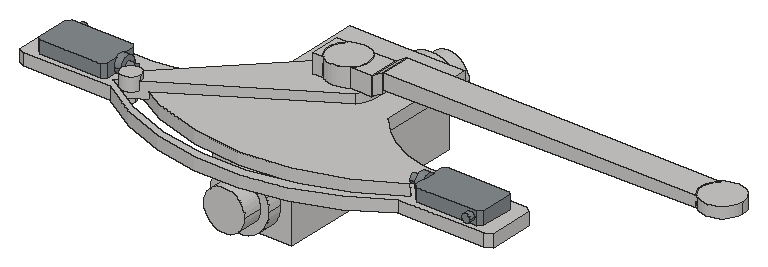
Revit family "Vent Valve Assembly-JCI_Sapphire_Plus-(70bar)Novec1230", category Specialty Equipment, Revit 2017
Family settings
  Round Connector Dimension = Use Diameter
  Part Type = Normal
  OmniClass Number = 23.29.33.13.11
  Work Plane-Based = No
  Always vertical = No
  Cut with Voids When Loaded = No
  Shared = No
  Room Calculation Point = No
Parameters (values of type "Vent Valve Assembly 3/4" NPT")
  Width [instance] = 47.498 mm  # constant formula
  Weight = 5.10 lbf  # constant formula
  Use Annotation Scale [instance] = 0
  URL = "http://www.sapphireplus.com"
  Product Page URL = "http://www.sapphireplus.com"
  Product Material = "JCI - Iron - Gray ; JCI - Metal - Stainless Steel - Satin"  # constant formula
  Product Documentation Link = "http://www.sapphireplus.com"
  Pipe Diameter [instance] = 19.05 mm  # constant formula
  Part Number [instance] = "302700014"  # constant formula
  Part Description [instance] = "Vent Valve Assembly"  # constant formula
  Operating Temperature = 122 °F
  Model Disclaimer = "For More Information Contact  JOHNSON CONTROLS"  # constant formula
  Model = "302700014"  # constant formula
  Materials = JCI - Metal - Stainless Steel - Satin
  Manufacturer = "Johnson Controls, Inc."  # constant formula
  Limit Switch Material = JCI - Iron - Gray
  Length = 47.498 mm  # constant formula
  Height [instance] = 40.894 mm  # constant formula
  Fire Suppression Agent = "3M NOVEC 1230 Fire Protection Fluid"  # constant formula
  Family Version = "1.0"  # constant formula
  Equipment Number [instance] = "XXX"
  Equipment Abbreviation = "--"  # constant formula
  Discharge Flow = 0 GPM
  Diameter [instance] = 47.498 mm  # constant formula
  Description = "Vent Valve Assembly"  # constant formula
  Date Modified = "YYYY/MM/DD"  # constant formula
  Date Created = "2018/09/11"  # constant formula
  Copyright © = "Copyright © 2001-2018 Johnson Controls Inc."  # constant formula
Reference planes
  plane 1 "Center (Front/Back)": y = 0
  plane 2: z = 0
  plane 3 "Center (Left/Right)": x = 0
  plane 4 "Lever Top Edge": z = 41.678
  plane 5: z = 39.757
  plane 6: z = 12.861
  plane 7: x = -107.127
  plane 8: y = 0
  plane 9: y = 0
  plane 10: x = -61.278
  plane 11: through (12.452, 33.66, 1219.2) normal (-0.809, -0.5878, 0)
  plane 12 "Vent Valve Edge 1": x = -109.996
  plane 13 "Vent Valve Edge 2": x = -103.54
  plane 14 "Vent Valve Lever 1": y = -12.102
  plane 15 "Vent Valve Connection 1": x = -69.111
  plane 16 "Vent Valve Connection 6": x = 69.76
  plane 17 "Vent Valve Connection 4": x = 63.292
  plane 18 "Vent Valve Connection 3": x = -63.722
  plane 19 "Vent Valve Connection 2": x = -67.127
  plane 20 "Vent Valve Connection 5": x = 67.127
  plane 21 "Vent Valve Lever Edge 1": x = -65.086
  plane 22 "Vent Valve Lever Edge": x = -6.04
  plane 23 "Vent Valve Lever 2": x = 6.104
  plane 24 "Vent Valve Lever 3": x = 167.653
  plane 25 "Lever Bottom Edge": z = 46.2
  plane 26 "Latch Edge 1": x = 73.569
  plane 27 "Latch Edge 2": x = 101.759
Forms (mm)
  Extrusion 1, solid, material "JCI - Metal - Stainless Steel - Satin"
    sketch origin (0, 183.033, 14.959) x (1, 0, 0) y (0, 0, 1)
      loop
        circle (0, 0) r 9.525
    from 81.967 to 212.278
  Extrusion 2, solid, material "JCI - Metal - Stainless Steel - Satin"
    sketch origin (0, 183.033, 5.459) x (1, 0, 0) y (0, 0, 1)
      loop
        circle (0, 9.5) r 13.619
    from 92.301 to 203.306
  Extrusion 3, solid, material "JCI - Metal - Stainless Steel - Satin"
    sketch origin (1.261, 183.033, -0.758) x (1, 0, 0) y (0, 0, 1)
      loop
        line (17.86, 30.677) -> (-19.121, 30.677) -> (-19.121, 0.758) -> (17.86, 0.758) -> (17.86, 30.677)
    from 105.776 to 196.789
  Extrusion 4, solid, material "JCI - Metal - Stainless Steel - Satin"
    sketch origin (0, 183.033, 0) x (1, 0, 0) y (0, 1, 0)
      loop
        line (-109.996, -172.587) -> (-109.996, -193.478) -> (-107.127, -195.134) -> (-67.127, -195.134)
        arc (-67.127, -195.134) -> (0, -217.337) -> (67.127, -195.134) r 112.576
        line (67.127, -195.134) -> (107.127, -195.134) -> (110.308, -193.298) -> (110.308, -172.814) -> (107.127, -170.503) -> (67.127, -170.503)
        arc (67.127, -170.503) -> (44.627, -165.308) -> (26.681, -150.776) r 51.326
        line (26.681, -150.776) -> (26.681, -105.776) -> (0.096, -105.776) -> (-26.681, -105.776) -> (-26.681, -150.776)
        arc (-26.681, -150.776) -> (-44.627, -165.308) -> (-67.127, -170.503) r 51.326
        line (-67.127, -170.503) -> (-107.127, -170.503) -> (-109.996, -172.587)
      loop
        arc (-69.111, -190.601) -> (0.405, -213.459) -> (69.76, -190.116) r 115.902
        line (69.76, -190.116) -> (63.292, -183.648)
        arc (63.292, -183.648) -> (-0.263, -203.59) -> (-63.722, -183.346) r 110.407
        line (-63.722, -183.346) -> (-69.111, -190.601)
    from 29.919 to 35.58
  Extrusion 5, solid, material "JCI - Iron - Gray" <- "Limit Switch Material"
    sketch origin (0, 183.033, 0) x (1, 0, 0) y (0, 1, 0)
      loop
        line (-73.569, -173.752) -> (-101.759, -173.752) -> (-103.54, -175.533) -> (-103.54, -190.533) -> (-101.759, -192.314) -> (-73.569, -192.314) -> (-71.788, -190.533) -> (-71.788, -175.533) -> (-73.569, -173.752)
    from 35.58 to 41.583
  Extrusion 6, solid, material "JCI - Iron - Gray" <- "Limit Switch Material"
    sketch origin (0, 183.033, 0) x (-1, 0, 0) y (0, -1, 0)
      loop
        line (-73.569, 173.752) -> (-71.788, 175.533) -> (-71.788, 190.533) -> (-73.569, 192.314) -> (-101.759, 192.314) -> (-103.54, 190.533) -> (-103.54, 175.533) -> (-101.759, 173.752) -> (-73.569, 173.752)
    from 35.58 to 41.583
  Extrusion 7, solid, material "JCI - Iron - Gray" <- "Limit Switch Material"
    sketch origin (73.569, 9.281, 0) x (1, 0, 0) y (0, 0, -1)
      loop
        circle (25.023, -38.571) r 1.884
    from -18.562 to -21.101
  Extrusion 8, solid, material "JCI - Iron - Gray" <- "Limit Switch Material"
    sketch origin (-73.569, 9.281, 0) x (-1, 0, 0) y (0, 0, 1)
      loop
        circle (25.023, 38.571) r 1.884
    from 3.249 to 0
  Extrusion 9, solid, material "JCI - Metal - Stainless Steel - Satin"
    sketch origin (1.25, 183.97, 0) x (1, 0, 0) y (0, 1, 0)
      loop
        circle (-62.406, -191.008) r 4.395
    from 35.58 to 41.583
  Extrusion 10, solid, material "JCI - Metal - Stainless Steel - Satin"
    sketch origin (1.127, 183.78, 0) x (1, 0, 0) y (0, 1, 0)
      loop
        circle (-62.406, -191.008) r 2.423
    from 29.919 to 35.58
  Extrusion 11, solid, material "JCI - Metal - Stainless Steel - Satin"
    sketch origin (6.622, 180.742, 0) x (0.999391, -0.034899, 0) y (0.034899, 0.999391, 0)
      loop
        arc (-65.135, -189.454) -> (-64.394, -192.592) -> (-61.532, -194.077) r 3.865
        line (-61.532, -194.077) -> (9.198, -146.369)
        arc (9.198, -146.369) -> (8.529, -129.322) -> (-8.259, -126.287) r 13.627
        line (-8.259, -126.287) -> (-65.135, -189.454)
    from 32.457 to 39.662
  Extrusion 12, solid, material "JCI - Metal - Stainless Steel - Satin"
    sketch origin (0, 185.064, 0) x (1, 0, 0) y (0, 1, 0)
      loop
        circle (0, -142.122) r 9.257
    from 39.662 to 48.236
  Extrusion 13, solid, material "JCI - Metal - Stainless Steel - Satin"
    sketch origin (0, 184.908, 0) x (1, 0, 0) y (0, 1, 0)
      loop
        line (16.58, -135.007) -> (6.104, -135.007)
        arc (6.104, -135.007) -> (9.255, -141.932) -> (6.104, -148.858) r 9.186
        line (6.104, -148.858) -> (16.58, -148.858) -> (16.58, -135.007)
    from 39.662 to 48.236
  Extrusion 14, solid, material "JCI - Metal - Stainless Steel - Satin"
    sketch origin (0, 184.908, -0.781) x (1, 0, 0) y (0, 1, 0)
      loop
        line (21.428, -135.007) -> (21.428, -148.858) -> (167.653, -148.858)
        arc (167.653, -148.858) -> (164.505, -141.932) -> (167.653, -135.007) r 9.193
        line (167.653, -135.007) -> (21.428, -135.007)
    from 44.125 to 51.93
  Extrusion 15, solid, material "JCI - Metal - Stainless Steel - Satin"
    sketch origin (0, 184.908, 1.293) x (1, 0, 0) y (0, 0, 1)
      loop
        line (16.58, 46.943) -> (16.58, 38.464) -> (21.428, 41.322) -> (21.428, 49.856) -> (16.58, 46.943)
    from 135.007 to 148.858
  Extrusion 16, void
    sketch origin (0, 183.033, -1.562) x (1, 0, 0) y (0, 0, 1)
      loop
        line (-26.497, 44.906) -> (167.653, 44.906) -> (167.653, 47.809) -> (-26.497, 44.906)
    from 133.132 to 146.983
  Extrusion 17, solid, material "JCI - Metal - Stainless Steel - Satin"
    sketch origin (2.278, 185.835, -0.781) x (1, 0, 0) y (0, 1, 0)
      loop
        circle (171.681, -142.747) r 9.45
    from 46.981 to 51.93
  Revolve 18, solid, material "JCI - Iron - Gray" <- "Limit Switch Material"
    sketch origin (0, 183.033, 38.582) x (1, 0, 0) y (0, 1, 0)
      loop
        line (-71.788, -183.033) -> (-64.686, -183.033) -> (-64.686, -181.108) -> (-68.325, -181.108) -> (-68.325, -179.077) -> (-71.788, -179.077) -> (-71.788, -183.033)
      axis (-71.788, -183.033) -> (-64.686, -183.033)
    angle from 0 to 360
  Revolve 19, solid, material "JCI - Iron - Gray" <- "Limit Switch Material"
    sketch origin (0, 183.033, 38.582) x (-1, 0, 0) y (0, -1, 0)
      loop
        line (-71.788, 183.033) -> (-71.788, 179.077) -> (-68.325, 179.077) -> (-68.325, 181.108) -> (-64.686, 181.108) -> (-64.686, 183.033) -> (-71.788, 183.033)
      axis (-71.788, 183.033) -> (-64.686, 183.033)
    angle from 0 to 360
  Extrusion 20, solid, material "JCI - Metal - Stainless Steel - Satin"
    sketch origin (0.064, 183.033, 0) x (1, 0, 0) y (0, 1, 0)
      loop
        arc (-6.104, -147.051) -> (-9.257, -140.091) -> (-6.104, -133.132) r 9.257
        line (-6.104, -133.132) -> (-10.854, -133.132) -> (-10.854, -147.051) -> (-6.104, -147.051)
    from 39.662 to 48.236
Cuts and joins
  Extrusion 16 cuts Extrusion 14
Lines and regions (mm)
  model lines, not visible
    curve 1: arc (-58.855, -7.227, 35.58) -> (-61.278, -4.804, 35.58) -> (-63.701, -7.227, 35.58) r 2.423
    curve 2: arc (-63.701, -7.227, 35.58) -> (-61.278, -9.65, 35.58) -> (-58.855, -7.227, 35.58) r 2.423
    curve 3: arc (-56.761, -7.038, 41.583) -> (-61.156, -2.643, 41.583) -> (-65.551, -7.038, 41.583) r 4.395
    curve 4: arc (-65.551, -7.038, 41.583) -> (-61.156, -11.432, 41.583) -> (-56.761, -7.038, 41.583) r 4.395
    curve 5: arc (9.257, 42.942, 48.236) -> (0, 52.199, 48.236) -> (-9.257, 42.942, 48.236) r 9.257
    curve 6: arc (-9.257, 42.942, 48.236) -> (0, 33.684, 48.236) -> (9.257, 42.942, 48.236) r 9.257
    curve 7: arc (183.409, 43.088, 51.149) -> (173.959, 52.538, 51.149) -> (164.509, 43.088, 51.149) r 9.45
    curve 8: arc (164.509, 43.088, 51.149) -> (173.959, 33.638, 51.149) -> (183.409, 43.088, 51.149) r 9.45
    curve 9: arc (13.619, -20.273, 14.959) -> (0, -20.273, 28.578) -> (-13.619, -20.273, 14.959) r 13.619
    curve 10: arc (-13.619, -20.273, 14.959) -> (0, -20.273, 1.341) -> (13.619, -20.273, 14.959) r 13.619
    curve 11: arc (9.525, -29.245, 14.959) -> (0, -29.245, 24.484) -> (-9.525, -29.245, 14.959) r 9.525
    curve 12: arc (-9.525, -29.245, 14.959) -> (0, -29.245, 5.434) -> (9.525, -29.245, 14.959) r 9.525
    curve 13: arc (96.708, -11.82, 38.571) -> (98.592, -11.82, 40.456) -> (100.477, -11.82, 38.571) r 1.884
    curve 14: arc (100.477, -11.82, 38.571) -> (98.592, -11.82, 36.687) -> (96.708, -11.82, 38.571) r 1.884
    curve 15: arc (-100.477, 9.281, 38.571) -> (-98.592, 9.281, 40.456) -> (-96.708, 9.281, 38.571) r 1.884
    curve 16: arc (-96.708, 9.281, 38.571) -> (-98.592, 9.281, 36.687) -> (-100.477, 9.281, 38.571) r 1.884
Dimensions and locks
  locked: Extrusion 4 to Extrusion 4 at 24.632
  locked: Extrusion 4 to plane 3 "Center (Left/Right)" at 109.996
  locked: plane 12 "Vent Valve Edge 1" to plane 13 "Vent Valve Edge 2" at 6.456
  locked: plane 13 "Vent Valve Edge 2" to Revolve 18 at 31.752
  locked: Revolve 18 to Revolve 18 at 3.463
  locked: Revolve 18 to Revolve 18 at 3.639
  locked: Extrusion 5 to Extrusion 5 at 18.562
  Extrusion 4 to plane 3 "Center (Left/Right)" to Extrusion 4 = 26.681 mm locked, 26.681 mm locked
  locked: plane 1 "Center (Front/Back)" to Extrusion 4 at 77.256
  Extrusion 1 to Extrusion 2 to Extrusion 4 = 10.333 mm locked, 13.476 mm locked
  Extrusion 1 to Extrusion 2 to Extrusion 3 to plane 1 "Center (Front/Back)" = 8.972 mm, 6.517 mm, 13.756 mm
  Revolve 19 to Revolve 19 to Extrusion 6 to Extrusion 6 to Extrusion 4 = 3.639 mm, 3.463 mm locked, 31.752 mm, 6.769 mm locked
  Extrusion 6 to plane 1 "Center (Front/Back)" to Extrusion 6 = 9.281 mm locked, 9.281 mm locked
  locked: plane 3 "Center (Left/Right)" to Extrusion 15 at 16.58
  locked: Extrusion 4 to Extrusion 6 at 3.249
  plane 15 "Vent Valve Connection 1" to plane 3 "Center (Left/Right)" to plane 16 "Vent Valve Connection 6" = 69.111 mm locked, 69.76 mm locked
  locked: plane 15 "Vent Valve Connection 1" to plane 18 "Vent Valve Connection 3" at 5.389
  locked: plane 17 "Vent Valve Connection 4" to plane 16 "Vent Valve Connection 6" at 6.468
  locked: plane 19 "Vent Valve Connection 2" to plane 18 "Vent Valve Connection 3" at 3.406
  locked: plane 17 "Vent Valve Connection 4" to plane 20 "Vent Valve Connection 5" at 3.835
  locked: plane 21 "Vent Valve Lever Edge 1" to plane 18 "Vent Valve Connection 3" at 1.364
  locked: plane 22 "Vent Valve Lever Edge" to plane 3 "Center (Left/Right)" at 6.04
  locked: Extrusion 20 to plane 3 "Center (Left/Right)" at 10.79
  locked: cut or joined group of Extrusion 14, Extrusion 16 to Extrusion 4 at 5.254
  locked: Extrusion 3 to cut or joined group of Extrusion 14, Extrusion 16 at 2.307
  locked: plane 3 "Center (Left/Right)" to plane 23 "Vent Valve Lever 2" at 6.104
  Extrusion 3 to plane 3 "Center (Left/Right)" to Extrusion 3 = 17.86 mm, 19.121 mm locked
  locked: Extrusion 4 to level at 29.919
  locked: Extrusion 4 to Extrusion 4 at 5.662
  Extrusion 11 to Extrusion 11 to level = 7.205 mm locked, 32.457 mm locked
  locked: plane 4 "Lever Top Edge" to Extrusion 4 at 6.003
  locked: plane 4 "Lever Top Edge" to plane 5 at 1.921
  locked: Extrusion 15 to plane 5 at 8.479
  locked: Extrusion 7 to Extrusion 6 at 2.539
  locked: Extrusion 2 to plane 1 "Center (Front/Back)" at 90.732
  locked: Extrusion 1 to plane 1 "Center (Front/Back)" at 101.065
  locked: Extrusion 2 to plane 1 "Center (Front/Back)" at 20.273
  locked: Extrusion 1 to plane 1 "Center (Front/Back)" at 29.245
  locked: Extrusion 3 to plane 1 "Center (Front/Back)" at 13.756
  locked: plane 3 "Center (Left/Right)" to Revolve 19 at 68.325
  locked: plane 16 "Vent Valve Connection 6" to Extrusion 7 at 26.948
  locked: Extrusion 5 to plane 1 "Center (Front/Back)" at 9.281
  locked: plane 1 "Center (Front/Back)" to Extrusion 5 at 9.281
  Extrusion 4 to Extrusion 6 to Extrusion 6 = 3.249 mm locked, 18.562 mm locked
  Extrusion 6 to plane 26 "Latch Edge 1" to plane 27 "Latch Edge 2" to Extrusion 6 = 1.781 mm locked, 28.19 mm locked, 1.781 mm locked
  locked: plane 3 "Center (Left/Right)" to Extrusion 6 at 71.788
  Extrusion 5 to plane 1 "Center (Front/Back)" to Extrusion 5 = 9.281 mm locked, 9.281 mm locked
  "Pipe Diameter": diameter of Extrusion 1 sketch curve
  aligned and locked: level to plane 2
  aligned and locked: plane 12 "Vent Valve Edge 1" to Extrusion 4
  aligned and locked: plane 13 "Vent Valve Edge 2" to Extrusion 5
  aligned and locked: Extrusion 4 to Extrusion 8
  aligned and locked: Extrusion 8 to Extrusion 5
  aligned and locked: Extrusion 5 to Revolve 18
  aligned and locked: Extrusion 3 to Extrusion 4  (x2)
  aligned and locked: Extrusion 6 to Revolve 19
  aligned and locked: Extrusion 13 to Extrusion 15  (x2)
  aligned and locked: Extrusion 15 to cut or joined group of Extrusion 14, Extrusion 16  (x2)
  aligned and locked: plane 14 "Vent Valve Lever 1" to Extrusion 4  (x2)
  aligned and locked: plane 15 "Vent Valve Connection 1" to Extrusion 4  (x2)
  aligned and locked: plane 16 "Vent Valve Connection 6" to Extrusion 4
  aligned and locked: plane 17 "Vent Valve Connection 4" to Extrusion 4  (x2)
  aligned and locked: plane 18 "Vent Valve Connection 3" to Extrusion 4
  aligned and locked: plane 19 "Vent Valve Connection 2" to Extrusion 4  (x2)
  aligned and locked: plane 20 "Vent Valve Connection 5" to Extrusion 4  (x2)
  aligned and locked: plane 21 "Vent Valve Lever Edge 1" to Extrusion 11  (x2)
  aligned and locked: plane 22 "Vent Valve Lever Edge" to Extrusion 11
  aligned: curve 1 to Extrusion 10
  aligned and locked: curve 2 to Extrusion 10
  aligned: curve 3 to Extrusion 9
  aligned and locked: curve 4 to Extrusion 9
  aligned and locked: Extrusion 13 to Extrusion 20
  aligned and locked: cut or joined group of Extrusion 14, Extrusion 16 to Extrusion 15  (x2)
  aligned and locked: Extrusion 13 to cut or joined group of Extrusion 14, Extrusion 16
  aligned and locked: plane 22 "Vent Valve Lever Edge" to Extrusion 20
  aligned and locked: plane 23 "Vent Valve Lever 2" to Extrusion 13
  aligned and locked: curve 5 to Extrusion 12
  aligned and locked: plane 24 "Vent Valve Lever 3" to cut or joined group of Extrusion 14, Extrusion 16  (x3)
  aligned: curve 7 to Extrusion 17
  aligned and locked: curve 8 to Extrusion 17
  aligned and locked: Extrusion 14 to Extrusion 16
  aligned and locked: cut or joined group of Extrusion 14, Extrusion 16 to cut or joined group of Extrusion 14, Extrusion 16
  aligned and locked: Extrusion 17 to plane 25 "Lever Bottom Edge"
  aligned: curve 9 to Extrusion 2
  aligned and locked: curve 10 to Extrusion 2
  aligned: curve 11 to Extrusion 1
  aligned and locked: curve 12 to Extrusion 1
  aligned and locked: Extrusion 5 to plane 4 "Lever Top Edge"
  aligned and locked: Extrusion 9 to plane 4 "Lever Top Edge"
  aligned and locked: Extrusion 6 to plane 4 "Lever Top Edge"
  aligned and locked: Extrusion 6 to Extrusion 4
  aligned and locked: plane 5 to Extrusion 15
  aligned and locked: Extrusion 15 to Extrusion 13
  aligned and locked: Extrusion 12 to Extrusion 20
  aligned and locked: Extrusion 13 to Extrusion 12
  aligned and locked: Extrusion 20 to Extrusion 11
  aligned and locked: Extrusion 12 to Extrusion 11
  aligned and locked: Extrusion 13 to Extrusion 11
  aligned and locked: Extrusion 7 to Extrusion 6
  aligned and locked: Extrusion 5 to Extrusion 8
  aligned and locked: Extrusion 8 to Extrusion 4
  aligned and locked: Extrusion 3 to level
  aligned and locked: Extrusion 4 to Extrusion 10
  aligned and locked: Extrusion 9 to Extrusion 4
  aligned and locked: Extrusion 6 to Extrusion 7
  aligned and locked: curve 13 to Extrusion 7
  aligned and locked: curve 14 to Extrusion 7
  aligned and locked: curve 15 to Extrusion 8
  aligned and locked: curve 16 to Extrusion 8
  aligned and locked: plane 26 "Latch Edge 1" to Extrusion 6  (x3)
  aligned and locked: plane 27 "Latch Edge 2" to Extrusion 6  (x2)
Automatic sketch dimensions
  Extrusion 1 sketch curve to plane 3 "Center (Left/Right)" = 0.00 mm
  level to Extrusion 1 sketch curve = 14.959 mm
  Extrusion 2 sketch curve to plane 3 "Center (Left/Right)" = 0.00 mm
  level to Extrusion 2 sketch curve = 14.959 mm
  Extrusion 3 sketch curve to level = 0.00 mm
  Extrusion 3 sketch curve to plane 22 "Vent Valve Lever Edge" = 11.82 mm
  plane 23 "Vent Valve Lever 2" to Extrusion 3 sketch curve = 13.017 mm
  Extrusion 3 sketch curve to plane 5 = 9.839 mm
  Extrusion 4 sketch curve to plane 12 "Vent Valve Edge 1" = 0.00 mm
  Extrusion 4 sketch curve to plane 7 = 0.00 mm  (x2)
  Extrusion 4 sketch curve to plane 15 "Vent Valve Connection 1" = 0.00 mm
  Extrusion 4 sketch curve to plane 19 "Vent Valve Connection 2" = 0.00 mm  (x2)
  Extrusion 4 sketch curve to plane 14 "Vent Valve Lever 1" = 0.00 mm  (x2)
  Extrusion 4 sketch curve to plane 18 "Vent Valve Connection 3" = 0.00 mm
  Extrusion 4 sketch curve to plane 3 "Center (Left/Right)" = 0.00 mm  (x3)
  Extrusion 4 sketch curve to plane 17 "Vent Valve Connection 4" = 0.00 mm
  Extrusion 4 sketch curve to plane 20 "Vent Valve Connection 5" = 0.00 mm
  Extrusion 4 sketch curve to plane 16 "Vent Valve Connection 6" = 0.00 mm
  Extrusion 4 sketch curve to plane 22 "Vent Valve Lever Edge" = 20.642 mm
  plane 3 "Center (Left/Right)" to Extrusion 4 sketch curve = 0.096 mm
  plane 23 "Vent Valve Lever 2" to Extrusion 4 sketch curve = 20.577 mm
  plane 16 "Vent Valve Connection 6" to Extrusion 4 sketch curve = 37.368 mm
  Extrusion 4 sketch curve to plane 1 "Center (Front/Back)" = 12.53 mm
  Extrusion 4 sketch curve to Extrusion 4 sketch curve = 0.00 mm
  Extrusion 4 sketch curve to Extrusion 4 sketch curve = 3.181 mm
  plane 14 "Vent Valve Lever 1" to Extrusion 4 sketch curve = 1.656 mm
  plane 14 "Vent Valve Lever 1" to Extrusion 4 sketch curve = 1.837 mm
  plane 14 "Vent Valve Lever 1" to Extrusion 4 sketch curve = 4.533 mm
  Extrusion 4 sketch curve to Extrusion 4 sketch curve = 5.019 mm
  plane 1 "Center (Front/Back)" to Extrusion 4 sketch curve = 0.615 mm
  plane 1 "Center (Front/Back)" to Extrusion 4 sketch curve = 0.313 mm
  Extrusion 4 sketch curve to Extrusion 4 sketch curve = 2.311 mm
  Extrusion 4 sketch curve to plane 1 "Center (Front/Back)" = 10.446 mm
  Extrusion 4 sketch curve to Extrusion 4 sketch curve = 2.084 mm
  Extrusion 4 sketch curve to plane 1 "Center (Front/Back)" = 32.256 mm  (x2)
  Extrusion 4 sketch curve to Extrusion 4 sketch curve = 8.218 mm
  Extrusion 4 sketch curve to Extrusion 4 sketch curve = 1.015 mm
  Extrusion 5 sketch curve to plane 13 "Vent Valve Edge 2" = 0.00 mm
  plane 13 "Vent Valve Edge 2" to Extrusion 5 sketch curve = 1.781 mm  (x2)
  Extrusion 5 sketch curve to plane 15 "Vent Valve Connection 1" = 4.459 mm  (x2)
  Extrusion 5 sketch curve to Extrusion 5 sketch curve = 1.781 mm  (x4)
  plane 14 "Vent Valve Lever 1" to Extrusion 5 sketch curve = 2.821 mm
  Extrusion 5 sketch curve to plane 1 "Center (Front/Back)" = 7.50 mm  (x2)
  Extrusion 6 sketch curve to plane 14 "Vent Valve Lever 1" = 4.602 mm
  Extrusion 6 sketch curve to plane 16 "Vent Valve Connection 6" = 33.78 mm
  Extrusion 6 sketch curve to Extrusion 6 sketch curve = 1.781 mm  (x5)
  plane 1 "Center (Front/Back)" to Extrusion 6 sketch curve = 9.281 mm
  Extrusion 6 sketch curve to plane 16 "Vent Valve Connection 6" = 3.81 mm  (x2)
  Extrusion 6 sketch curve to plane 16 "Vent Valve Connection 6" = 2.029 mm
  Extrusion 6 sketch curve to plane 14 "Vent Valve Lever 1" = 2.821 mm
  plane 18 "Vent Valve Connection 3" to Extrusion 9 sketch curve = 2.566 mm
  plane 14 "Vent Valve Lever 1" to Extrusion 9 sketch curve = 5.064 mm
  Extrusion 10 sketch curve to plane 10 = 0.00 mm
  plane 14 "Vent Valve Lever 1" to Extrusion 10 sketch curve = 4.874 mm
  Extrusion 11 sketch curve to plane 21 "Vent Valve Lever Edge 1" = 0.00 mm
  Extrusion 11 sketch curve to plane 22 "Vent Valve Lever Edge" = 0.00 mm
  plane 14 "Vent Valve Lever 1" to Extrusion 11 sketch curve = 5.778 mm
  Extrusion 11 sketch curve to Extrusion 11 sketch curve = 3.603 mm
  Extrusion 11 sketch curve to Extrusion 11 sketch curve = 0.187 mm
  Extrusion 11 sketch curve to Extrusion 11 sketch curve = 53.087 mm
  Extrusion 11 sketch curve to Extrusion 11 sketch curve = 6.504 mm
  Extrusion 11 sketch curve to Extrusion 11 sketch curve = 10.953 mm
  Extrusion 11 sketch curve to Extrusion 11 sketch curve = 0.762 mm
  Extrusion 11 sketch curve to Extrusion 11 sketch curve = 20.082 mm
  Extrusion 12 sketch curve to plane 3 "Center (Left/Right)" = 0.00 mm
  Extrusion 12 sketch curve to plane 1 "Center (Front/Back)" = 42.942 mm
  Extrusion 13 sketch curve to plane 23 "Vent Valve Lever 2" = 0.00 mm  (x2)
  plane 3 "Center (Left/Right)" to Extrusion 13 sketch curve = 0.069 mm
  Extrusion 13 sketch curve to Extrusion 13 sketch curve = 10.476 mm
  Extrusion 13 sketch curve to plane 1 "Center (Front/Back)" = 36.049 mm
  Extrusion 13 sketch curve to Extrusion 13 sketch curve = 6.926 mm
  Extrusion 14 sketch curve to plane 24 "Vent Valve Lever 3" = 0.00 mm  (x2)
  plane 23 "Vent Valve Lever 2" to Extrusion 14 sketch curve = 15.324 mm
  plane 24 "Vent Valve Lever 3" to Extrusion 14 sketch curve = 6.046 mm
  Extrusion 14 sketch curve to plane 1 "Center (Front/Back)" = 36.049 mm
  Extrusion 14 sketch curve to Extrusion 14 sketch curve = 6.926 mm
  Extrusion 15 sketch curve to plane 5 = 0.00 mm
  plane 23 "Vent Valve Lever 2" to Extrusion 15 sketch curve = 10.476 mm
  Extrusion 15 sketch curve to plane 4 "Lever Top Edge" = 0.937 mm
  Extrusion 15 sketch curve to Extrusion 15 sketch curve = 4.848 mm
  plane 25 "Lever Bottom Edge" to Extrusion 15 sketch curve = 2.036 mm
  plane 25 "Lever Bottom Edge" to Extrusion 15 sketch curve = 4.949 mm
  Extrusion 16 sketch curve to plane 24 "Vent Valve Lever 3" = 0.00 mm
  Extrusion 16 sketch curve to plane 4 "Lever Top Edge" = 1.665 mm
  Extrusion 16 sketch curve to plane 22 "Vent Valve Lever Edge" = 20.458 mm
  plane 25 "Lever Bottom Edge" to Extrusion 16 sketch curve = 0.047 mm
  plane 24 "Vent Valve Lever 3" to Extrusion 17 sketch curve = 6.306 mm
  Extrusion 17 sketch curve to plane 1 "Center (Front/Back)" = 43.088 mm
  plane 1 "Center (Front/Back)" to Revolve 18 sketch curve = 0.00 mm  (x2)
  Revolve 18 sketch curve to plane 15 "Vent Valve Connection 1" = 2.678 mm
  plane 15 "Vent Valve Connection 1" to Revolve 18 sketch curve = 0.785 mm
  plane 21 "Vent Valve Lever Edge 1" to Revolve 18 sketch curve = 0.399 mm
  Revolve 18 sketch curve to plane 1 "Center (Front/Back)" = 1.924 mm
  Revolve 18 sketch curve to plane 1 "Center (Front/Back)" = 3.956 mm
  Revolve 18 sketch curve to Revolve 18 sketch curve = 3.768 mm
  Revolve 18 sketch curve to Revolve 18 sketch curve = 0.00 mm
  plane 1 "Center (Front/Back)" to Revolve 19 sketch curve = 0.00 mm  (x2)
  plane 16 "Vent Valve Connection 6" to Revolve 19 sketch curve = 2.029 mm
  plane 20 "Vent Valve Connection 5" to Revolve 19 sketch curve = 1.198 mm
  plane 17 "Vent Valve Connection 4" to Revolve 19 sketch curve = 1.394 mm
  Revolve 19 sketch curve to plane 1 "Center (Front/Back)" = 1.924 mm
  Revolve 19 sketch curve to Revolve 19 sketch curve = 2.031 mm
  Revolve 19 sketch curve to Revolve 19 sketch curve = 6.616 mm
  Revolve 19 sketch curve to Revolve 19 sketch curve = 0.00 mm
  Extrusion 20 sketch curve to plane 22 "Vent Valve Lever Edge" = 0.00 mm  (x2)
  Extrusion 20 sketch curve to plane 22 "Vent Valve Lever Edge" = 4.75 mm
  plane 3 "Center (Left/Right)" to Extrusion 20 sketch curve = 0.064 mm
  Extrusion 20 sketch curve to plane 1 "Center (Front/Back)" = 35.982 mm
  Extrusion 20 sketch curve to Extrusion 20 sketch curve = 6.96 mm
  Extrusion 7 sketch curve to plane 5 = 1.186 mm
  plane 16 "Vent Valve Connection 6" to Extrusion 7 sketch curve = 28.833 mm
  Extrusion 8 sketch curve to plane 5 = 1.186 mm
  plane 13 "Vent Valve Edge 2" to Extrusion 8 sketch curve = 4.948 mm
  radius of Extrusion 2 sketch curve = 13.619 mm
  radius of Extrusion 7 sketch curve = 1.884 mm
  radius of Extrusion 8 sketch curve = 1.884 mm
  radius of Extrusion 9 sketch curve = 4.395 mm
  radius of Extrusion 10 sketch curve = 2.423 mm
  radius of Extrusion 12 sketch curve = 9.257 mm
  radius of Extrusion 17 sketch curve = 9.45 mm
